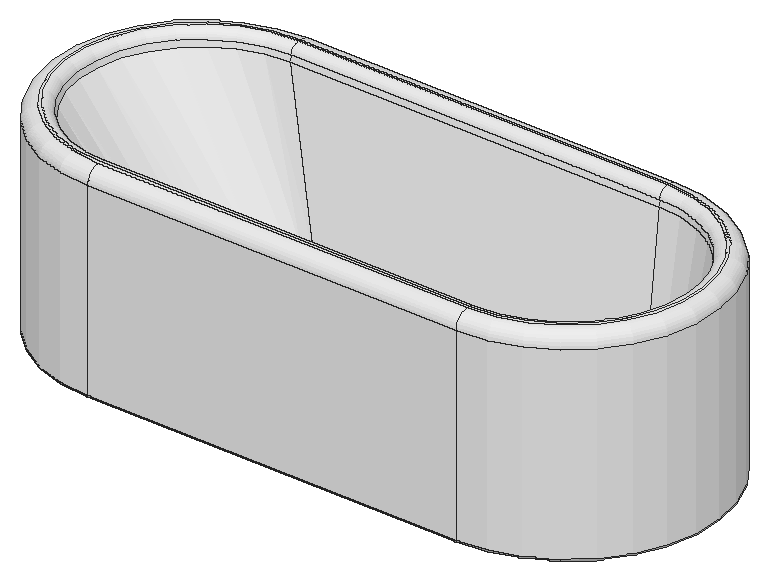
Revit family "Ease Bathtub_F06295EN", category Plumbing Fixtures, host Face, Revit 2020
Family settings
  Host = Face
  Round Connector Dimension = Use Diameter
  Part Type = Normal
  OmniClass Number = 23.45.05.14.21
  OmniClass Title = Bathtubs
  Cut with Voids When Loaded = Yes
  Shared = No
  Room Calculation Point = No
Parameters (values of type "Unique")
  e [instance] = Water Outlet Diameter / 2  # 2.5 cm
  d [instance] = if(c - Width < 25 cm, c - 25 cm, if(Width < 50 cm, 50 cm, Width))  # 80 cm
  c [instance] = if(Length < 100 cm, 100 cm, Length)  # 185 cm
  b [instance] = Height / 4  # 14.5 cm
  a [instance] = c / 3.5  # 52.8571 cm
  Website = "https://www.BlocksRvt.com/"
  Water Outlet Diameter [instance] = 50 mm
  Drain⠀ = Blks - Metal - Polished - Inox - 203-203-203
  Drain [instance] = yes
  Comments [instance] = "Minimum length: 100cm / Minimum width: 50cm"  # constant formula
  Description = "Oval freestanding bathtub by NOTE Design Studio"
  Height [instance] = 58 cm
  Width [instance] = 80 cm
  Type Comments = "Ease Bathtub"  # constant formula
  Structure = Blks - Porcelain - White - Glazed - 240-240-240
  Manufacturer = "Ibani"  # constant formula
  Designer = "NOTE Design Studio"  # constant formula
  Contact = "info@blocksrvt.com"  # constant formula
  Default Elevation = 0 cm
  Length [instance] = 185 cm
  Author = "Blocks"  # constant formula
  Assembly Code = "Bath"
Reference planes (cm)
  plane 1 "Centro (Frente/Trás)": y = 0
  plane 2 "a": z = 0
  plane 3 "Centro (Esquerda/Direita)": x = 0
  plane 4: y = 40
  plane 5: y = -40
  plane 6: x = -92.5
  plane 7: x = 92.5
  plane 8: z = 54
  plane 9: z = 14.5
  plane 10: z = 56.1018
  plane 11: z = 58
  plane 12: x = -52.8571
  plane 13: x = 39.6429
Forms (cm)
  Sweep 1, solid, material "Blks - Porcelain - White - Glazed - 240-240-240" <- "Structure"
    path origin (0, 0, 0) x (1, 0, 0) y (0, 1, 0)
      loop
        arc (-52.5, 40) -> (-92.5, 0) -> (-52.5, -40) r 40
        line (-52.5, -40) -> (52.5, -40)
        arc (52.5, -40) -> (92.5, 0) -> (52.5, 40) r 40
        line (52.5, 40) -> (-52.5, 40)
    profile origin (0, 40, 0) x (0, 1, 0) y (0, 0, 1)
      loop
        line (0, 0.5) -> (0, 54)
        arc (0, 54) -> (-1.1716, 56.8284) -> (-4, 58) r 4
        line (-4, 58) -> (-4.7037, 58)
        arc (-4.7037, 58) -> (-6.5803, 57.3406) -> (-7.632, 55.6523) r 3
        line (-7.632, 55.6523) -> (-8, 54) -> (-8, 9.308)
        arc (-8, 9.308) -> (-9.6109, 5.4189) -> (-13.5, 3.808) r 5.5
        line (-13.5, 3.808) -> (-13.5, 0) -> (-0.5, 0)
        arc (-0.5, 0) -> (-0.1464, 0.1464) -> (0, 0.5) r 0.5
  Extrusion 2, solid, material "Blks - Porcelain - White - Glazed - 240-240-240" <- "Structure"
    sketch origin (0, 0, 0) x (1, 0, 0) y (0, 1, 0)
      loop
        arc (-52.5, 26.5) -> (-79, 0) -> (-52.5, -26.5) r 26.5
        line (-52.5, -26.5) -> (52.5, -26.5)
        arc (52.5, -26.5) -> (79, 0) -> (52.5, 26.5) r 26.5
        line (52.5, 26.5) -> (-52.5, 26.5)
    from 3.2495 to 3.808
  Blend 3, void
    base sketch origin (0, 0, 0) x (1, 0, 0) y (0, 1, 0)
      loop
        arc (-52.5, 32) -> (-84.5, 0) -> (-52.5, -32) r 32
        line (-52.5, -32) -> (52.5, -32)
        arc (52.5, -32) -> (84.5, 0) -> (52.5, 32) r 32
        line (52.5, 32) -> (-52.5, 32)
    top sketch origin (0, 0, 0) x (1, 0, 0) y (0, 1, 0)
      loop
        spline (-38.8571, 23.057) -> (-42.4806, 22.2713) -> (-45.8571, 19.9679) -> (-48.7566, 16.3037) -> (-50.9815, 11.5285) -> (-52.3801, 5.9676) -> (-52.8571, 0) -> (-52.3801, -5.9676) -> (-50.9815, -11.5285) -> (-48.7566, -16.3037) -> (-45.8571, -19.9679) -> (-42.4806, -22.2713) -> (-38.8571, -23.057)
        line (-38.8571, -23.057) -> (55.443, -23.057)
        arc (55.443, -23.057) -> (78.5, 0) -> (55.443, 23.057) r 23.057
        line (55.443, 23.057) -> (-38.8571, 23.057)
    from 54 to 14.5
  Extrusion 4, solid, material "Blks - Porcelain - White - Glazed - 240-240-240" <- "Structure"
    sketch origin (0, 0, 0) x (1, 0, 0) y (0, 1, 0)
      loop
        line (52.5, 32) -> (-52.5, 32)
        arc (-52.5, 32) -> (-84.5, 0) -> (-52.5, -32) r 32
        line (-52.5, -32) -> (52.5, -32)
        arc (52.5, -32) -> (84.5, 0) -> (52.5, 32) r 32
    from 0 to 54
  Extrusion 5, void
    sketch origin (0, 0, 0) x (1, 0, 0) y (0, 1, 0)
      loop
        circle (39.6429, 0) r 2.5
    from 0 to 14.5
Cuts and joins
  Extrusion 5 cuts Sweep 1
  Extrusion 5 cuts Extrusion 2
  Blend 3, Extrusion 5 cuts Extrusion 4
  joined: Sweep 1, Extrusion 2, Extrusion 4
Dimensions and locks (cm)
  equal spacing: plane 6, plane 3 "Centro (Esquerda/Direita)", plane 7
  "c": plane 6 to plane 7
  equal spacing: plane 4, plane 1 "Centro (Frente/Trás)", plane 5
  "d": plane 4 to plane 5
  "Height": plane 11 to level
  "b": plane 9 to plane 2 "a"
  locked: plane 6 to Sweep 1 sketch curve
  locked: plane 7 to Sweep 1 sketch curve
  Extrusion 2 to Extrusion 2 to plane 2 "a" = 0.5585 cm locked, 3.2495 cm locked
  locked: plane 8 to plane 10 at 2.1018
  Sweep 1 sketch curve to plane 8 = 4 cm
  plane 10 to Extrusion 4 = 2.1018 cm
  locked: plane 11 to plane 8 at 4
  "b": cut or joined group of Sweep 1, Extrusion 2, Blend 3, Extrusion 4, Extrusion 5 to plane 2 "a"
  locked: Blend 3 sketch curve to plane 7 at 14
  "a": plane 12 to plane 3 "Centro (Esquerda/Direita)"
  locked: plane 4 to Blend 3 sketch curve at 16.943
  locked: Blend 3 sketch curve to plane 5 at 16.943
  locked: plane 6 to Blend 3 sketch curve at 8
  locked: Blend 3 sketch curve to plane 7 at 8
  locked: plane 4 to Blend 3 sketch curve at 8
  locked: Blend 3 sketch curve to plane 5 at 8
  plane 12 to Blend 3 sketch curve = 0 cm
  locked: plane 12 to Blend 3 sketch curve at 14  (x2)
  "a": plane 13 to plane 7
  aligned and locked: plane 2 "a" to host face
  aligned and locked: level to host face
  aligned and locked: Sweep 1 sketch curve to plane 4
  aligned and locked: plane 5 to Sweep 1 sketch curve
  aligned and locked: Extrusion 2 sketch curve to Sweep 1  (x2)
  aligned and locked: Extrusion 4 sketch curve to Blend 3  (x2)
  aligned and locked: Blend 3 to plane 8
  aligned and locked: Extrusion 4 to plane 8
  aligned and locked: plane 1 "Centro (Frente/Trás)" to nested 1
  aligned and locked: plane 13 to nested 1
  aligned and locked: plane 9 to Extrusion 5
  aligned and locked: Extrusion 5 to plane 2 "a"
  aligned and locked: Extrusion 5 sketch curve to nested 1  (x2)
Automatic sketch dimensions
  host sketch curve to host sketch curve = 118.1504 cm
  host sketch curve to host sketch curve = 39.1909 cm
  Sweep 1 sketch curve to profile plane = 0 cm  (x2)
  profile plane to Sweep 1 sketch curve = 0.5 cm
  profile plane to Sweep 1 sketch curve = 4 cm
  Sweep 1 sketch curve to Sweep 1 sketch curve = 0.7037 cm
  Sweep 1 sketch curve to Sweep 1 sketch curve = 2.9282 cm
  profile plane to Sweep 1 sketch curve = 8 cm
  Sweep 1 sketch curve to Sweep 1 sketch curve = 5.5 cm
  profile plane to Sweep 1 sketch curve = 3.808 cm
  Sweep 1 sketch curve to Sweep 1 sketch curve = 0 cm
  Sweep 1 sketch curve to Sweep 1 sketch curve = 1 cm
Nested families (cm)
  nested 1: "Blks_Ease-Bathtub_Nested01" at (39.6429, 0, 14.5), visible <- "Drain", type "Único"
    with Raio 2.5 cm
Connectors (cm)
  piping at (39.6429, 0, 0), diameter 5, driven by "Water Outlet Diameter"
    settings: on cut or joined group of Sweep 1, Extrusion 2, Blend 3, Extrusion 4, Extrusion 5, index 1, connector inside diameter 609.6 mm, connector length 0 cm, flow factor 0, pipe flow 0.0 L/s, pressure drop 0.0 Pa, fitting loss kfactor 0, connector angle 0.00°, fixture units 0, engagement length 0 cm, angle of deflection 0.00°, flow configuration 0, flow direction 2, fitting loss method 0, system type 16, joint type 0, gender type 0, connector reference index -1, connector utility 0, adjustable connector no, is connector primary yes, connector description ""
Definition of nested family "Blks_Ease-Bathtub_Nested01"
  Parameters (values of type "Único")
    data = ""
    Website = "https://www.BlocksRvt.com/"
    Raio = 2 cm
    Espessura Bancada [instance] = 1.4 cm
    Default Elevation = 121.92 cm
    Designer = ""
    Ralo = none
    Contact = "info@blocksrvt.com"  # constant formula
    Type Comments = ""
    Author = "Blocks"  # constant formula
  Reference planes (cm)
    plane 1 "Centro (Frente/Trás)": y = 0
    plane 2: z = 0
    plane 3 "Centro (Esquerda/Direita)": x = 0
    plane 4: z = 0.1048
    plane 5: z = -1.4
    plane 6: y = -2
  Forms (cm)
    Revolve 1, solid, material <- "Ralo", not visible
      sketch origin (0, 8.433, 0) x (1, 0, 0) y (0, 0, 1)
        loop
          line (-4.5, -20.2) -> (-3.1, -20.2) -> (-3.1, -21.7) -> (0, -21.7) -> (0, -21.4) -> (-1.33, -21.4) -> (-1.33, -21.5) -> (-2.9, -21.5) -> (-2.9, -20.1) -> (-4.5, -20.1) -> (-4.5, -20.2)
        axis (0, -20.1) -> (0, -21.7)
      angle from 0 to 360
    Extrusion 2, void, not visible
      sketch origin (0, 0, 0) x (1, 0, 0) y (0, 1, 0)
        loop
          line (-0.05, 11.6798) -> (-0.05, 9.9998)
          arc (-0.05, 9.9998) -> (0, 9.9498) -> (0.05, 9.9998) r 0.05
          line (0.05, 9.9998) -> (0.05, 11.6798) -> (-0.05, 11.6798)
        loop
          line (0.05, 5.1861) -> (0.05, 6.8661)
          arc (0.05, 6.8661) -> (0, 6.9161) -> (-0.05, 6.8661) r 0.05
          line (-0.05, 6.8661) -> (-0.05, 5.1861) -> (0.05, 5.1861)
        loop
          line (3.2468, 8.483) -> (1.5668, 8.483)
          arc (1.5668, 8.483) -> (1.5168, 8.433) -> (1.5668, 8.383) r 0.05
          line (1.5668, 8.383) -> (3.2468, 8.383) -> (3.2468, 8.483)
        loop
          line (-3.2468, 8.383) -> (-1.5668, 8.383)
          arc (-1.5668, 8.383) -> (-1.5168, 8.433) -> (-1.5668, 8.483) r 0.05
          line (-1.5668, 8.483) -> (-3.2468, 8.483) -> (-3.2468, 8.383)
        loop
          line (2.2605, 10.7642) -> (1.0726, 9.5762)
          arc (1.0726, 9.5762) -> (1.0726, 9.5055) -> (1.1433, 9.5055) r 0.05
          line (1.1433, 9.5055) -> (2.3312, 10.6935) -> (2.2605, 10.7642)
        loop
          line (-2.2605, 6.1017) -> (-1.0726, 7.2897)
          arc (-1.0726, 7.2897) -> (-1.0726, 7.3604) -> (-1.1433, 7.3604) r 0.05
          line (-1.1433, 7.3604) -> (-2.3312, 6.1725) -> (-2.2605, 6.1017)
        loop
          line (2.3312, 6.1725) -> (1.1433, 7.3604)
          arc (1.1433, 7.3604) -> (1.0726, 7.3604) -> (1.0726, 7.2897) r 0.05
          line (1.0726, 7.2897) -> (2.2605, 6.1017) -> (2.3312, 6.1725)
        loop
          line (-2.3312, 10.6935) -> (-1.1433, 9.5055)
          arc (-1.1433, 9.5055) -> (-1.0726, 9.5055) -> (-1.0726, 9.5762) r 0.05
          line (-1.0726, 9.5762) -> (-2.2605, 10.7642) -> (-2.3312, 10.6935)
        loop
          line (-1.2226, 5.4247) -> (-0.5662, 6.9711)
          arc (-0.5662, 6.9711) -> (-0.5927, 7.0367) -> (-0.6582, 7.0102) r 0.05
          line (-0.6582, 7.0102) -> (-1.3147, 5.4638) -> (-1.2226, 5.4247)
        loop
          line (2.9917, 9.6956) -> (1.434, 9.0663)
          arc (1.434, 9.0663) -> (1.4064, 9.0012) -> (1.4715, 8.9735) r 0.05
          line (1.4715, 8.9735) -> (3.0291, 9.6029) -> (2.9917, 9.6956)
        loop
          line (-2.9917, 7.1703) -> (-1.434, 7.7997)
          arc (-1.434, 7.7997) -> (-1.4064, 7.8647) -> (-1.4715, 7.8924) r 0.05
          line (-1.4715, 7.8924) -> (-3.0291, 7.263) -> (-2.9917, 7.1703)
        loop
          line (1.2626, 5.4413) -> (0.6333, 6.9989)
          arc (0.6333, 6.9989) -> (0.5682, 7.0266) -> (0.5406, 6.9615) r 0.05
          line (0.5406, 6.9615) -> (1.1699, 5.4038) -> (1.2626, 5.4413)
        loop
          line (-1.2626, 11.4246) -> (-0.6333, 9.867)
          arc (-0.6333, 9.867) -> (-0.5682, 9.8393) -> (-0.5406, 9.9044) r 0.05
          line (-0.5406, 9.9044) -> (-1.1699, 11.4621) -> (-1.2626, 11.4246)
        loop
          line (1.1699, 11.4621) -> (0.5406, 9.9044)
          arc (0.5406, 9.9044) -> (0.5682, 9.8393) -> (0.6333, 9.867) r 0.05
          line (0.6333, 9.867) -> (1.2626, 11.4246) -> (1.1699, 11.4621)
        loop
          line (3.0291, 7.263) -> (1.4715, 7.8924)
          arc (1.4715, 7.8924) -> (1.4064, 7.8647) -> (1.434, 7.7997) r 0.05
          line (1.434, 7.7997) -> (2.9917, 7.1703) -> (3.0291, 7.263)
        loop
          line (-3.0291, 9.6029) -> (-1.4715, 8.9735)
          arc (-1.4715, 8.9735) -> (-1.4064, 9.0012) -> (-1.434, 9.0663) r 0.05
          line (-1.434, 9.0663) -> (-2.9917, 9.6956) -> (-3.0291, 9.6029)
      from -21.881 to -20.5
    Sweep 3, solid, material <- "Ralo"
      path origin (0, 0, 0) x (1, 0, 0) y (0, 1, 0)
        loop
          circle (0, 0) r 2
      profile origin (0, 2, 0) x (0, -1, 0) y (0, 0, 1)
        loop
          arc (0.2, -0.0461) -> (0.1572, 0.0573) -> (0.0539, 0.1001) r 0.1461
          line (0.0539, 0.1001) -> (-0.6899, 0.1001)
          arc (-0.6899, 0.1001) -> (-0.7607, 0.0708) -> (-0.79, 0) r 0.1001
          line (-0.79, 0) -> (0, 0) -> (0, -1) -> (0.2, -1) -> (0.2, -0.0461)
    Revolve 4, solid, material <- "Ralo"
      sketch origin (0, 0, 0) x (0, 1, 0) y (0, 0, 1)
        loop
          line (-1.8, -0.0463) -> (-1.8, -1) -> (0, -1) -> (0, 0.355)
          arc (0, 0.355) -> (-0.9221, 0.2535) -> (-1.8, -0.0463) r 4.2371
        axis (0, 0.355) -> (0, -1)
      angle from 0 to 360
  Lines and regions (cm)
    symbolic lines
      curve 1: line (-0.0684, 16.9971, 0) -> (0.0716, 16.9971, 0)
    symbolic lines, not visible
      curve 2: line (-0.0684, 25.4301, 0) -> (0.0716, 25.4301, 0)
      curve 3: line (-0.0478, 0.5, -19.3002) -> (0.0622, 0.5, -19.3002)
      curve 4: line (0, 8.433, -21.7) -> (0, 8.433, -21.5899)
  Dimensions and locks (cm)
    "Espessura Bancada": level to plane 5
    plane 4 to level = 0.1048 cm
    locked: Revolve 4 sketch curve to plane 4 at 0.2502
    "Raio": plane 6 to plane 1 "Centro (Frente/Trás)"
    locked: plane 6 to Revolve 4 sketch curve at 0.2
    locked: plane 2 to Revolve 4 sketch curve at 0.0463
    "Raio": radius of Sweep 3 sketch curve
    aligned and locked: level to plane 2
  Automatic sketch dimensions
    curve 1 to plane 3 "Centro (Esquerda/Direita)" = 0.0684 cm
    plane 3 "Centro (Esquerda/Direita)" to curve 1 = 0.0716 cm
    curve 1 to plane 1 "Centro (Frente/Trás)" = 16.9971 cm
    Revolve 4 sketch curve to plane 1 "Centro (Frente/Trás)" = 0 cm  (x2)
    Revolve 4 sketch curve to Revolve 4 sketch curve = 0.9537 cm
    Revolve 4 sketch curve to Revolve 4 sketch curve = 1.0559 cm
    Revolve 4 sketch curve to Revolve 4 sketch curve = 0.2573 cm
    Sweep 3 sketch curve to profile plane = 0 cm  (x3)
    profile plane to Sweep 3 sketch curve = 0.6899 cm
    Sweep 3 sketch curve to profile plane = 0.0539 cm
    Sweep 3 sketch curve to profile plane = 0.2 cm
    Sweep 3 sketch curve to profile plane = 0.0461 cm
    Sweep 3 sketch curve to Sweep 3 sketch curve = 0.9539 cm
    Sweep 3 sketch curve to Sweep 3 sketch curve = 0 cm
    plane 1 "Centro (Frente/Trás)" to Sweep 3 sketch curve = 0 cm
    Sweep 3 sketch curve to plane 3 "Centro (Esquerda/Direita)" = 0 cm
